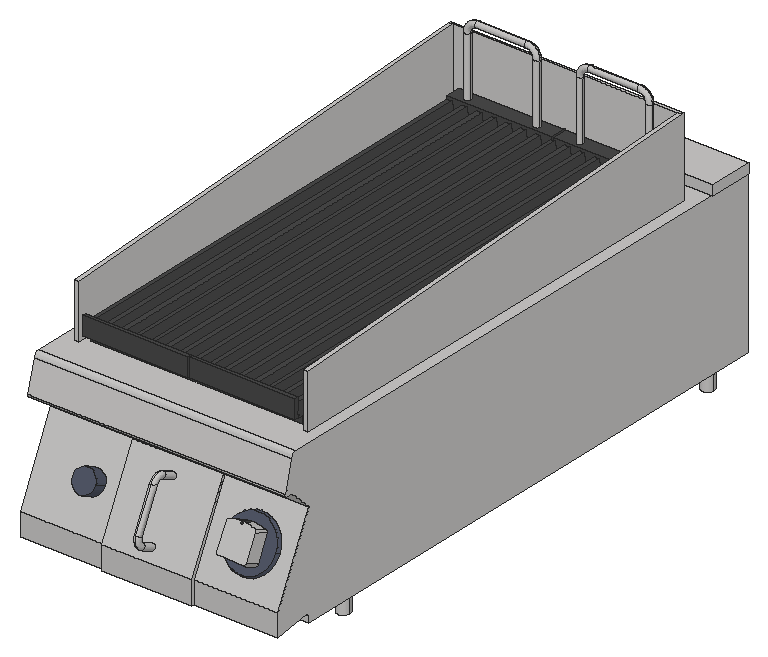
Revit family "QF_ZANUSSI_392219_Z9GRGDGC0P", category Attrezzature speciali, Revit 2014
Parameters
  Width = 400 mm  # constant formula
  Weight in Pounds = 60  # constant formula
  Weight = 60
  Watts = 0 W
  Volts = 0 V
  URL Manufacturer = "http://www.zanussiprofessional.com"
  URL Cutsheet = "www.electrolux.com"
  URL = "http://www.zanussiprofessional.com"
  Type Mark [instance] = ""
  Steam Supply Size = 0"
  Steam Supply Minimum Pressure = 0.00 psi
  Steam Supply Maximum Pressure = 0.00 psi
  Steam Pounds per Hour = 0
  Status [instance] = ""
  Specification by User [instance] = ""
  Specification by Manufacturer = ""
  Show Logo [instance] = yes
  Show Clearance [instance] = yes
  Serial Number = ""
  Seismic Rating = ""
  SMACNA No = ""
  Revision Code [instance] = ""
  Refrigeration Suction Line Size = 0 mm
  Refrigeration Liquid Line Size = 0 mm
  Refrigerant Compressor Remote = yes
  Phase = 0
  Omniclass Number and Title = ""
  NAFEM Spec ID Number = ""
  Modello = "Z9GRGDGC0P"
  Mechanical Remarks [instance] = ""
  Mechanical Connection Type [instance] = ""
  Masterspec = ""
  Produttore = "Zanussi"
  Length Actual = 400 mm  # constant formula
  Item Number [instance] = "392219"
  Installed By [instance] = ""
  Identify Quantity as Lot [instance] = yes
  Hot Water Size = 0"
  Height Actual = 250 mm  # constant formula
  HP = "0 HP"
  Gas Size = 3/4"
  Gas RI Height [instance] = 0 mm
  Gas KW [instance] = 10.5  # constant formula
  Gas Input [instance] = 0.370888 Btu/h
  Gas Connection Height = 0 mm
  Furnished By [instance] = ""
  Foodservice Equipment Identifier [instance] = yes
  Descrizione = "GAS GRILL TOP HP 400MM"
  Depth Actual = 900 mm  # constant formula
  Depth = 915 mm  # constant formula
  Cycle = 0 Hz
  Condensate Return Size = 0"
  Compressed Air Volume = 0 GPM
  Compressed Air Size = 0"
  Compressed Air Pressure = 0.00 psi
  Cold Water Size = 0"
  CSI MasterFormat = ""
  CSI Master Format = ""
  Base Height [instance] = 0 mm
  Accessory = yes
Reference planes
  plane 1 "BACK": y = 0
  plane 2: z = 0
  plane 3 "LEFT": x = 0
  plane 4 "RIGHT": x = 400
  plane 5 "FRONT": y = -915
  plane 6 "TOP": z = 274
  plane 7 "Center Y": x = 200
  plane 8 "Center X": y = -457.5
  plane 9: z = 24
  plane 10: z = 424
  plane 11: x = 11
  plane 12: y = -1690
  plane 13: y = -65
  plane 14: y = -773
  plane 15: y = -941
  plane 16: x = 389
Forms (mm)
  Extrusion 1, solid, material "QF_Finishes_Black"
    sketch origin (52.271, -831.985, 287.7) x (-0.153405, 0, 0.988163) y (-0.988163, 0, -0.153405)
      loop
        line (30.666, 12.691) -> (1.657, 17.195) -> (-23.405, -144.246) -> (5.603, -148.75) -> (30.666, 12.691)
      loop
        line (-48.959, -308.85) -> (-19.95, -313.353) -> (5.112, -151.912) -> (-23.896, -147.408) -> (-48.959, -308.85)
    from 5 to 0
  Extrusion 2, solid, material "QF_Finishes_Stainless Steel"
    sketch origin (0, 0, 0) x (0, 1, 0) y (0, 0, 1)
      loop
        line (0, 24) -> (0, 274) -> (-879.358, 274)
        arc (-879.358, 274) -> (-884.643, 271.811) -> (-886.833, 266.526) r 7.474
        line (-886.833, 266.526) -> (-899.884, 221.011)
        arc (-899.884, 221.011) -> (-899.396, 218.379) -> (-897, 217.184) r 3
        line (-897, 217.184) -> (-886.802, 217.184) -> (-854.982, 185.364) -> (-915, 64.508) -> (-915, 29.508) -> (-858.645, 37.428)
        arc (-858.645, 37.428) -> (-856.101, 36.674) -> (-855, 34.259) r 3.2
        line (-855, 34.259) -> (-855, 24) -> (0, 24)
    from 0 to 400
  Extrusion 3, solid, material "QF_Finishes_Stainless Steel"
    sketch origin (0, 0, 0) x (1, 0, 0) y (0, 1, 0)
      loop
        circle (11, -65) r 9.525
      loop
        circle (11, -773) r 9.525
      loop
        circle (389, -65) r 9.525
      loop
        circle (389, -773) r 9.525
    from 0 to 24
  Extrusion 4, solid, material "QF_Finishes_Stainless Steel"
    sketch origin (151.15, -218.574, -25.128) x (0, 0.999563, -0.029571) y (0, 0.029571, 0.999563)
      loop
        line (-642.416, 191.447) -> (-645.323, 192.784) -> (-701.993, 69.659) -> (-700.936, 33.924) -> (-697.737, 34.018) -> (-698.772, 69.003) -> (-642.416, 191.447)
    from -21.15 to 118.85
  Sweep 5, solid, material "QF_Finishes_Stainless Steel"
    path origin (200, 192.426, 1182.446) x (0, 0.999563, -0.029571) y (0, 0.029571, 0.999563)
      loop
        line (-1030.726, -1048.776) -> (-1051.355, -1039.282)
        arc (-1051.355, -1039.282) -> (-1061.068, -1038.906) -> (-1068.202, -1045.508) r 12.7
        line (-1068.202, -1045.508) -> (-1095.749, -1105.361)
        arc (-1095.749, -1105.361) -> (-1096.125, -1115.074) -> (-1089.523, -1122.207) r 12.7
        line (-1089.523, -1122.207) -> (-1068.894, -1131.702)
    profile origin (200, -879.032, 169.659) x (0, -0.444781, -0.895639) y (1, 0, 0)
      loop
        circle (0, 0) r 4.572
  Extrusion 6, solid, material "QF_Door-Drawer Clearances", visible <- "Show Clearance", detail levels coarse
    sketch origin (200, 175.397, 1219.2) x (0, 1, 0) y (0, 0, 1)
      loop
        line (-1844.462, -1153.941) -> (-1844.462, -1189.692) -> (-1093.597, -1189.692) -> (-1093.597, -1153.941) -> (-1033.311, -1032.545) -> (-1784.176, -1032.545) -> (-1844.462, -1153.941)
    from 70 to -70
  Sweep 7, solid, material "QF_Door-Drawer Clearances", visible <- "Show Clearance", detail levels coarse
    path origin (200, 207.443, 1164.448) x (0, 0.999563, -0.029571) y (0, 0.029571, 0.999563)
      loop
        line (-1794.661, -1048.776) -> (-1815.29, -1039.282)
        arc (-1815.29, -1039.282) -> (-1825.003, -1038.906) -> (-1832.136, -1045.508) r 12.7
        line (-1832.136, -1045.508) -> (-1859.684, -1105.361)
        arc (-1859.684, -1105.361) -> (-1860.06, -1115.074) -> (-1853.457, -1122.207) r 12.7
        line (-1853.457, -1122.207) -> (-1832.829, -1131.702)
    profile origin (200, -1627.616, 174.251) x (0, -0.444781, -0.895639) y (1, 0, 0)
      loop
        circle (0, 0) r 4.572
  Extrusion 8, solid, material "QF_Finishes_Stainless Steel"
    sketch origin (35.025, -104.885, 275) x (0, 0, 1) y (1, 0, 0)
      loop
        line (-1, -16.35) -> (121.362, -16.35) -> (121.363, 346.3) -> (-1, 346.3) -> (-1, -16.35)
    from 0 to 3.2
  Extrusion 9, solid, material "QF_Finishes_Stainless Steel"
    sketch origin (0, 0, 24) x (-1, 0, 0) y (0, 1, 0)
      loop
        circle (-347.9, -663) r 6.35
    from 0 to 9
  Extrusion 10, solid, material "QF_Finishes_Stainless Steel"
    sketch origin (25.025, -104.885, 396.363) x (0, -1, 0) y (0, 0, -1)
      loop
        line (0, 0) -> (728.115, 38.857) -> (728.115, 122.363) -> (0, 122.363) -> (0, 0)
    from 0 to -6.35
  Extrusion 11, solid, material "QF_Finishes_Stainless Steel"
    sketch origin (374.975, -104.885, 396.363) x (0, -1, 0) y (0, 0, 1)
      loop
        line (0, 0) -> (0, -122.362) -> (728.115, -122.362) -> (728.115, -38.857) -> (0, 0)
    from 0 to -6.35
  Sweep 12, solid, material "QF_Finishes_Stainless Steel"
    path origin (-10.789, -118.772, 31.265) x (0, 0, 1) y (-1, 0, 0)
      loop
        line (279.79, -69.374) -> (372.677, -69.374)
        arc (372.677, -69.374) -> (383.453, -73.837) -> (387.917, -84.614) r 15.24
        line (387.917, -84.614) -> (387.917, -162.056)
        arc (387.917, -162.056) -> (383.453, -172.833) -> (372.677, -177.296) r 15.24
        line (372.677, -177.296) -> (279.79, -177.296)
    profile origin (58.585, -118.772, 357.499) x (-1, 0, 0) y (0, -1, 0)
      loop
        circle (0, 0) r 4.572
  Sweep 13, solid, material "QF_Finishes_Stainless Steel"
    path origin (410.789, -118.772, 31.265) x (0, 0, 1) y (-1, 0, 0)
      loop
        line (279.79, 69.374) -> (372.677, 69.374)
        arc (372.677, 69.374) -> (383.453, 73.837) -> (387.917, 84.614) r 15.24
        line (387.917, 84.614) -> (387.917, 162.056)
        arc (387.917, 162.056) -> (383.453, 172.833) -> (372.677, 177.296) r 15.24
        line (372.677, 177.296) -> (279.79, 177.296)
    profile origin (341.415, -118.772, 357.499) x (-1, 0, 0) y (0, -1, 0)
      loop
        circle (0, 0) r 4.572
  Extrusion 14, solid, material "QF_Finishes_Black"
    sketch origin (0, 0, 274) x (0, -1, 0) y (1, 0, 0)
      loop
        line (821.985, 198.45) -> (130.285, 198.45) -> (130.285, 35.025) -> (821.985, 35.025) -> (821.985, 198.45)
      loop
        line (821.985, 201.55) -> (821.985, 364.975) -> (130.285, 364.975) -> (130.285, 201.55) -> (821.985, 201.55)
    from 0 to 12.7
  Extrusion 15, solid, material "QF_Finishes_Black"
    sketch origin (0, 0, 286.7) x (0, -1, 0) y (1, 0, 0)
      loop
        line (104.885, 198.45) -> (104.885, 35.025) -> (130.285, 35.025) -> (130.285, 198.45) -> (104.885, 198.45)
      loop
        line (130.285, 201.55) -> (130.285, 364.975) -> (104.885, 364.975) -> (104.885, 201.55) -> (130.285, 201.55)
    from 0 to 24.356
  Extrusion 16, solid, material "QF_Finishes_Stainless Steel"
    sketch origin (0, 0, 274) x (0, -1, 0) y (1, 0, 0)
      loop
        line (0, 400) -> (0, 0) -> (69.85, 0) -> (69.85, 400) -> (0, 400)
    from 0 to 15
  Extrusion 17, solid, material "QF_Clearances", visible <- "Show Clearance", detail levels coarse
    sketch origin (0, 0, 0) x (1, 0, 0) y (0, 1, 0)
      loop
        line (400, -915) -> (552, -915) -> (552, 203) -> (-152, 203) -> (-152, -915) -> (0, -915) -> (0, 0) -> (400, 0) -> (400, -915)
    from 0 to 424
  Extrusion 18, solid, material "QF_Finishes_Stainless Steel"
    sketch origin (0, 0, 274) x (0, 0, -1) y (-1, 0, 0)
      loop
        circle (220.025, -347.613) r 9.525
    from -50.8 to -54
  Extrusion 19, solid, material "QF_Plastic-Black-Matte"
    sketch origin (279.193, -884.991, 124.936) x (0, 0.444781, 0.895639) y (0, 0.895639, -0.444781)
      loop
        line (26.984, -34) -> (23.984, -34) -> (23.984, -35) -> (26.984, -35)
        arc (26.984, -35) -> (27.691, -34.707) -> (27.984, -34) r 1
        line (27.984, -34) -> (27.984, -19) -> (26.984, -19) -> (26.984, -34)
    from -58.5 to -56.5
  Extrusion 20, solid, material "QF_Finishes_Stainless Steel"
    sketch origin (336.693, -884.991, 124.936) x (-1, 0, 0) y (0, -0.444781, -0.895639)
      loop
        line (17.5, -17.5) -> (17.5, 17.5) -> (-17.5, 17.5) -> (-17.5, -17.5) -> (17.5, -17.5)
    from 5 to 10
  Extrusion 21, solid, material "QF_Finishes_Stainless Steel"
    sketch origin (336.693, -884.991, 124.936) x (-1, 0, 0) y (0, -0.444781, -0.895639)
      loop
        arc (-21.147, -22.789) -> (0, -26.984) -> (21.147, -22.789) r 55.4
        arc (21.147, -22.789) -> (22.494, -21.685) -> (23, -20.019) r 2.997
        line (23, -20.019) -> (23, 20.019)
        arc (23, 20.019) -> (22.122, 22.138) -> (20.003, 23.016) r 2.997
        line (20.003, 23.016) -> (-20.003, 23.016)
        arc (-20.003, 23.016) -> (-22.122, 22.138) -> (-23, 20.019) r 2.997
        line (-23, 20.019) -> (-23, -20.019)
        arc (-23, -20.019) -> (-22.494, -21.685) -> (-21.147, -22.789) r 2.997
    from 10 to 34
  Blend 22, solid, material "QF_Finishes_Navy Blue"
    base sketch origin (336.693, -884.991, 124.936) x (1, 0, 0) y (0, 0.444781, 0.895639)
      loop
        circle (0, 0) r 42.5
    top sketch origin (336.693, -884.991, 124.936) x (1, 0, 0) y (0, 0.444781, 0.895639)
      loop
        circle (0, 0) r 40.5
    from 0 to 5
  Extrusion 23, solid, material "QF_Finishes_Navy Blue"
    sketch origin (146.818, -884.991, 124.936) x (1, 0, 0) y (0, 0.444781, 0.895639)
      loop
        circle (-55.001, 0) r 18
    from 3 to 23
  Extrusion 24, solid, material "QF_Finishes_Stainless Steel"
    sketch origin (7.817, -884.991, 124.936) x (1, 0, 0) y (0, 0.444781, 0.895639)
      loop
        circle (84, 0) r 15
    from 3 to 0
Cuts and joins
  joined: Extrusion 8, Extrusion 10, Extrusion 11
Lines and regions (mm)
  Split face 1
    outline origin (336.693, -889.469, 127.16) x (1, 0, 0) y (0, 0.444781, 0.895639)
      loop
        circle (0, 34.714) r 1.714
  Split face 2
    outline origin (336.693, -889.469, 127.16) x (1, 0, 0) y (0, 0.444781, 0.895639)
      loop
        circle (-17.357, 30.063) r 2
  Split face 3
    outline origin (336.693, -889.469, 127.16) x (1, 0, 0) y (0, 0.444781, 0.895639)
      loop
        circle (17.357, 30.063) r 2
  Split face 4
    outline origin (336.693, -889.469, 127.16) x (1, 0, 0) y (0, 0.444781, 0.895639)
      loop
        line (-23.985, -28.584) -> (-20.542, -24.481)
        arc (-20.542, -24.481) -> (-27.511, -15.911) -> (-31.231, -5.511) r 32.719
        line (-31.231, -5.511) -> (-37.141, -6.549)
        arc (-37.141, -6.549) -> (-32.568, -18.764) -> (-23.985, -28.584) r 36.411
  Split face 5
    outline origin (336.693, -889.469, 127.16) x (1, 0, 0) y (0, 0.444781, 0.895639)
      loop
        arc (20.441, -26.163) -> (0.211, -32.559) -> (-19.689, -25.201) r 32.719
        line (-19.689, -25.201) -> (-22.952, -29.377)
        arc (-22.952, -29.377) -> (-0.277, -36.495) -> (21.959, -28.107) r 36.411
        line (21.959, -28.107) -> (20.441, -26.163)
  Split face 6
    outline origin (336.693, -889.469, 127.16) x (1, 0, 0) y (0, 0.444781, 0.895639)
      loop
        line (21.361, -25.457) -> (22.903, -27.295)
        arc (22.903, -27.295) -> (31.935, -14.958) -> (35.104, 0) r 36.411
        line (35.104, 0) -> (33.714, 0)
        arc (33.714, 0) -> (30.431, -14.133) -> (21.361, -25.457) r 32.719
  Split face 7
    outline origin (336.693, -889.469, 127.16) x (1, 0, 0) y (0, 0.444781, 0.895639)
      loop
        arc (-37.695, 1.149) -> (-34.899, -3.19) -> (-31.619, 0.795) r 3.195
        line (-31.619, 0.795) -> (-32.379, 3.751)
        arc (-32.379, 3.751) -> (-34.462, 5.448) -> (-36.693, 3.952) r 2.258
        line (-36.693, 3.952) -> (-37.695, 1.149)
  symbolic lines, style "QF_Door-Drawer Clearances"
    curve 1: line (270, -1665.621, 0) -> (270, -915, 0)
    curve 2: line (270, -1665.621, 0) -> (218.222, -1665.621, 0)
    curve 3: line (130, -1665.621, 0) -> (130, -915, 0)
    curve 4: spline (213.65, -1617.352, 0) -> (214.247, -1617.369, 0) -> (214.833, -1617.417, 0) -> (215.4, -1617.498, 0) -> (215.936, -1617.608, 0) -> (216.433, -1617.747, 0) -> (216.883, -1617.912, 0) -> (217.277, -1618.1, 0) -> (217.609, -1618.308, 0) -> (217.874, -1618.532, 0) -> (218.066, -1618.769, 0) -> (218.183, -1619.014, 0) -> (218.222, -1619.264, 0)
    curve 5: spline (209.078, -1619.264, 0) -> (209.117, -1619.014, 0) -> (209.234, -1618.769, 0) -> (209.426, -1618.532, 0) -> (209.691, -1618.308, 0) -> (210.023, -1618.1, 0) -> (210.417, -1617.912, 0) -> (210.867, -1617.747, 0) -> (211.364, -1617.608, 0) -> (211.9, -1617.498, 0) -> (212.467, -1617.417, 0) -> (213.053, -1617.369, 0) -> (213.65, -1617.352, 0)
    curve 6: line (218.222, -1619.264, 0) -> (218.222, -1685.435, 0)
    curve 7: line (209.078, -1619.264, 0) -> (209.078, -1685.435, 0)
    curve 8: arc (209.078, -1685.435, 0) -> (213.65, -1690.007, 0) -> (218.222, -1685.435, 0) r 4.572
    curve 9: line (209.078, -1665.621, 0) -> (130, -1665.621, 0)
  symbolic lines
    curve 10: line (0, 0, 0) -> (0, -915, 0)
    curve 11: line (233.404, -123.365, 0) -> (341.02, -123.365, 0)
    curve 12: line (233.404, -114.221, 0) -> (341.02, -114.221, 0)
    curve 13: arc (341.02, -114.221, 0) -> (345.592, -118.793, 0) -> (341.02, -123.365, 0) r 4.572
    curve 14: arc (233.404, -114.221, 0) -> (228.832, -118.793, 0) -> (233.404, -123.365, 0) r 4.572
    curve 15: line (36.625, -130.285, 0) -> (366.298, -130.285, 0)
    curve 16: line (58.584, -123.344, 0) -> (166.539, -123.344, 0)
    curve 17: line (58.584, -114.2, 0) -> (166.539, -114.2, 0)
    curve 18: arc (166.539, -114.2, 0) -> (171.111, -118.772, 0) -> (166.539, -123.344, 0) r 4.572
    curve 19: arc (58.584, -114.2, 0) -> (54.012, -118.772, 0) -> (58.584, -123.344, 0) r 4.572
    curve 23: line (0, 0, 0) -> (400, 0, 0)
    curve 24: line (400, 0, 0) -> (400, -915, 0)
    curve 25: line (0, -54.85, 0) -> (400, -54.85, 0)
    curve 26: line (381.325, -86.685, 0) -> (18.675, -86.685, 0)
    curve 27: line (18.675, -86.685, 0) -> (18.675, -89.885, 0)
    curve 28: line (18.675, -89.885, 0) -> (25.025, -89.885, 0)
    curve 29: line (25.025, -89.885, 0) -> (374.975, -89.885, 0)
    curve 30: line (374.975, -89.885, 0) -> (381.325, -89.885, 0)
    curve 31: line (381.325, -89.885, 0) -> (381.325, -86.685, 0)
    curve 32: line (18.675, -833, 0) -> (18.675, -89.885, 0)
    curve 33: line (25.025, -833, 0) -> (25.025, -89.885, 0)
    curve 34: line (35.025, -89.885, 0) -> (35.025, -115.285, 0)
    curve 35: line (198.45, -115.285, 0) -> (198.45, -89.885, 0)
    curve 36: line (201.55, -89.885, 0) -> (201.55, -115.285, 0)
    curve 37: line (364.975, -115.285, 0) -> (364.975, -89.885, 0)
    curve 38: line (374.975, -89.885, 0) -> (374.975, -833, 0)
    curve 39: line (381.325, -89.885, 0) -> (381.325, -833, 0)
    curve 40: line (374.975, -833, 0) -> (381.325, -833, 0)
    curve 41: line (35.025, -821.985, 0) -> (364.975, -821.985, 0)
    curve 42: line (364.975, -821.985, 0) -> (364.975, -816.985, 0)
    curve 43: line (35.025, -816.985, 0) -> (35.025, -821.985, 0)
    curve 44: line (18.675, -833, 0) -> (25.025, -833, 0)
    curve 45: line (0, -900, 0) -> (400.05, -900, 0)
    curve 46: line (313.693, -900, 0) -> (313.693, -924.347, 0)
    curve 47: arc (313.693, -924.347, 0) -> (313.839, -924.811, 0) -> (314.225, -925.107, 0) r 0.809
    curve 48: arc (314.225, -925.107, 0) -> (315.413, -925.587, 0) -> (316.691, -925.68, 0) r 4.127
    curve 49: arc (313.693, -904.292, 0) -> (308.652, -902.458, 0) -> (303.884, -900, 0) r 42.24
    curve 50: arc (313.693, -906.539, 0) -> (314.195, -905.818, 0) -> (314.993, -905.448, 0) r 1.682
    curve 51: arc (314.993, -905.448, 0) -> (325.295, -903.95, 0) -> (335.693, -903.441, 0) r 109.079
    curve 52: line (335.693, -900, 0) -> (335.693, -905.671, 0)
    curve 53: line (335.693, -905.671, 0) -> (337.693, -905.671, 0)
    curve 54: line (337.693, -905.671, 0) -> (337.693, -900, 0)
    curve 55: line (359.693, -900, 0) -> (359.693, -924.347, 0)
    curve 56: arc (359.693, -924.347, 0) -> (359.547, -924.811, 0) -> (359.161, -925.107, 0) r 0.809
    curve 57: arc (359.161, -925.107, 0) -> (357.973, -925.587, 0) -> (356.696, -925.68, 0) r 4.127
    curve 58: arc (359.693, -904.292, 0) -> (364.734, -902.458, 0) -> (369.502, -900, 0) r 42.24
    curve 59: arc (359.693, -906.539, 0) -> (359.191, -905.818, 0) -> (358.394, -905.448, 0) r 1.682
    curve 60: arc (358.394, -905.448, 0) -> (348.091, -903.95, 0) -> (337.693, -903.441, 0) r 109.079
    curve 61: line (316.691, -925.68, 0) -> (356.696, -925.68, 0)
    curve 62: line (359.693, -915, 0) -> (400, -915, 0)
    curve 63: line (0, -915, 0) -> (195.425, -915, 0)
    curve 64: arc (195.425, -936.831, 0) -> (199.998, -941.404, 0) -> (204.57, -936.831, 0) r 4.573
    curve 66: line (204.57, -936.831, 0) -> (204.57, -900, 0)
    curve 67: line (204.57, -915, 0) -> (313.693, -915, 0)
    curve 68: line (73.817, -905.591, 0) -> (73.817, -900, 0)
  symbolic lines, style "QF_Clearances", visible <- "Show Clearance", detail levels coarse
    curve 20: line (552, 203, 0) -> (-152, 203, 0)
    curve 21: line (-152, 203, 0) -> (-152, -915, 0)
    curve 22: line (552, -915, 0) -> (552, 203, 0)
  symbolic lines, style "SpecialityEquipment"
    curve 65: line (195.425, -936.831, 0) -> (195.425, -900, 0)
    curve 69: spline (73.817, -905.591, 0) -> (74.43, -907.663, 0) -> (76.228, -909.594, 0) -> (79.089, -911.252, 0) -> (82.817, -912.524, 0) -> (87.158, -913.324, 0) -> (91.817, -913.597, 0) -> (96.475, -913.324, 0) -> (100.817, -912.524, 0) -> (104.544, -911.252, 0) -> (107.405, -909.594, 0) -> (109.203, -907.663, 0) -> (109.817, -905.591, 0)
    curve 70: spline (109.817, -905.591, 0) -> (109.779, -905.075, 0) -> (109.667, -904.562, 0) -> (109.481, -904.053, 0) -> (109.222, -903.55, 0) -> (108.891, -903.056, 0) -> (108.489, -902.573, 0) -> (108.017, -902.102, 0) -> (107.479, -901.645, 0) -> (106.875, -901.205, 0) -> (106.209, -900.783, 0) -> (105.483, -900.381, 0) -> (104.701, -900, 0)
    curve 71: line (109.817, -905.591, 0) -> (109.817, -900, 0)
    curve 72: spline (78.932, -900, 0) -> (78.15, -900.381, 0) -> (77.424, -900.783, 0) -> (76.758, -901.205, 0) -> (76.154, -901.645, 0) -> (75.616, -902.102, 0) -> (75.144, -902.573, 0) -> (74.742, -903.056, 0) -> (74.411, -903.55, 0) -> (74.152, -904.053, 0) -> (73.966, -904.562, 0) -> (73.854, -905.075, 0) -> (73.817, -905.591, 0)
Dimensions and locks
  equal spacing: plane 3 "LEFT", plane 7 "Center Y", plane 4 "RIGHT"
  "Width": plane 3 "LEFT" to plane 4 "RIGHT"
  equal spacing: plane 5 "FRONT", plane 8 "Center X", plane 1 "BACK"
  "Depth": plane 5 "FRONT" to plane 1 "BACK"
  plane 6 "TOP" to level = 274 mm
  plane 9 to level = 24 mm
  plane 6 "TOP" to plane 9 = 250 mm  (x2)
  plane 10 to level = 424 mm
  plane 10 to plane 9 = 400 mm
  plane 1 "BACK" to plane 12 = 1690 mm
  plane 1 "BACK" to plane 5 "FRONT" = 915 mm
  plane 5 "FRONT" to plane 14 to plane 13 to plane 1 "BACK" = 142 mm, 708 mm, 65 mm
  plane 9 to plane 2 = 24 mm
  Extrusion 16 to plane 9 = 265 mm
  plane 12 to plane 1 "BACK" = 1690 mm
  plane 5 "FRONT" to plane 1 "BACK" = 915 mm
  plane 15 to plane 1 "BACK" = 941 mm
  Extrusion 9 to plane 9 = 9 mm
  Extrusion 9 sketch curve to plane 1 "BACK" = 663 mm
  Extrusion 18 sketch curve to plane 4 "RIGHT" = 52.388 mm
  Extrusion 18 sketch curve to level = 53.975 mm
  aligned and locked: level to plane 2
Automatic sketch dimensions
  plane 6 "TOP" to Extrusion 1 sketch curve = 12.7 mm
  plane 4 "RIGHT" to Extrusion 1 sketch curve = 35.025 mm
  Extrusion 1 sketch curve to Extrusion 1 sketch curve = 25.063 mm  (x2)
  Extrusion 1 sketch curve to Extrusion 1 sketch curve = 0.491 mm  (x2)
  Extrusion 1 sketch curve to Extrusion 1 sketch curve = 29.008 mm
  Extrusion 1 sketch curve to Extrusion 1 sketch curve = 4.503 mm
  Extrusion 1 sketch curve to Extrusion 1 sketch curve = 3.162 mm  (x2)
  Extrusion 8 sketch curve to plane 6 "TOP" = 0 mm
  Extrusion 8 sketch curve to plane 10 = 27.637 mm
  Extrusion 8 sketch curve to plane 11 = 7.675 mm
  plane 4 "RIGHT" to Extrusion 8 sketch curve = 18.675 mm
  Extrusion 10 sketch curve to plane 6 "TOP" = 0 mm
  Extrusion 10 sketch curve to plane 10 = 27.637 mm
  plane 1 "BACK" to Extrusion 10 sketch curve = 104.885 mm
  Extrusion 10 sketch curve to plane 5 "FRONT" = 82 mm
  Extrusion 10 sketch curve to plane 10 = 66.495 mm
  Extrusion 11 sketch curve to plane 6 "TOP" = 0 mm
  Extrusion 11 sketch curve to plane 10 = 27.637 mm
  plane 1 "BACK" to Extrusion 11 sketch curve = 104.885 mm
  Extrusion 11 sketch curve to plane 5 "FRONT" = 82 mm
  Extrusion 11 sketch curve to plane 10 = 66.495 mm
  plane 6 "TOP" to Sweep 12 sketch curve = 37.056 mm  (x2)
  Sweep 12 sketch curve to plane 10 = 20.058 mm  (x2)
  Sweep 12 sketch curve to plane 10 = 4.818 mm
  Sweep 12 sketch curve to plane 7 "Center Y" = 33.492 mm
  Sweep 12 sketch curve to plane 11 = 62.825 mm
  Sweep 12 sketch curve to profile plane = 0 mm
  profile plane to Sweep 12 sketch curve = 0 mm
  plane 6 "TOP" to Sweep 13 sketch curve = 37.056 mm  (x2)
  Sweep 13 sketch curve to plane 10 = 20.058 mm  (x2)
  Sweep 13 sketch curve to plane 10 = 4.818 mm
  plane 4 "RIGHT" to Sweep 13 sketch curve = 58.585 mm
  plane 7 "Center Y" to Sweep 13 sketch curve = 48.732 mm
  Sweep 13 sketch curve to profile plane = 0 mm
  profile plane to Sweep 13 sketch curve = 0 mm
  Extrusion 14 sketch curve to Extrusion 14 sketch curve = 0 mm  (x2)
  Extrusion 14 sketch curve to Extrusion 14 sketch curve = 163.425 mm
  Extrusion 14 sketch curve to Extrusion 14 sketch curve = 3.1 mm
  Extrusion 15 sketch curve to Extrusion 14 = 0 mm  (x5)
  Extrusion 14 to Extrusion 15 sketch curve = 0 mm
  Extrusion 14 to Extrusion 15 sketch curve = 25.4 mm
  Extrusion 15 sketch curve to Extrusion 15 sketch curve = 25.4 mm
  Extrusion 3 sketch curve to plane 11 = 0 mm  (x2)
  Extrusion 3 sketch curve to plane 14 = 0 mm  (x2)
  Extrusion 3 sketch curve to plane 16 = 0 mm  (x2)
  plane 13 to Extrusion 3 sketch curve = 0 mm  (x2)
  Extrusion 17 sketch curve to plane 3 "LEFT" = 0 mm
  Extrusion 17 sketch curve to plane 4 "RIGHT" = 0 mm
  Extrusion 17 sketch curve to plane 1 "BACK" = 0 mm
  Extrusion 17 sketch curve to plane 1 "BACK" = 203 mm
  Extrusion 17 sketch curve to plane 3 "LEFT" = 152 mm
  Extrusion 17 sketch curve to plane 4 "RIGHT" = 152 mm
  plane 15 to Extrusion 17 sketch curve = 26 mm  (x2)
  Extrusion 2 sketch curve to plane 6 "TOP" = 0 mm
  Extrusion 2 sketch curve to plane 9 = 0 mm
  plane 9 to Extrusion 2 sketch curve = 5.508 mm
  plane 12 to Extrusion 2 sketch curve = 775 mm
  plane 12 to Extrusion 2 sketch curve = 790.116 mm
  Extrusion 2 sketch curve to Extrusion 2 sketch curve = 2.884 mm
  Extrusion 2 sketch curve to plane 6 "TOP" = 7.474 mm
  Extrusion 2 sketch curve to Extrusion 2 sketch curve = 13.051 mm
  Extrusion 2 sketch curve to Extrusion 2 sketch curve = 10.198 mm
  plane 9 to Extrusion 2 sketch curve = 13.428 mm
  plane 12 to Extrusion 2 sketch curve = 831.355 mm
  Extrusion 2 sketch curve to Extrusion 2 sketch curve = 0.445 mm
  Extrusion 2 sketch curve to Extrusion 2 sketch curve = 3.2 mm
  Extrusion 2 sketch curve to Extrusion 2 sketch curve = 31.82 mm  (x2)
  Extrusion 2 sketch curve to plane 5 "FRONT" = 915 mm
  Extrusion 2 sketch curve to Extrusion 2 sketch curve = 35 mm
  Extrusion 2 sketch curve to Extrusion 2 sketch curve = 81.162 mm
  Extrusion 2 sketch curve to Extrusion 2 sketch curve = 3 mm
  Extrusion 9 sketch curve to plane 16 = 41.1 mm
  Extrusion 14 sketch curve to plane 16 = 24.025 mm
  plane 13 to Extrusion 14 sketch curve = 65.285 mm
  Extrusion 14 sketch curve to plane 14 = 48.985 mm
  Extrusion 14 sketch curve to plane 11 = 24.025 mm
  plane 1 "BACK" to Extrusion 16 sketch curve = 0 mm
  Extrusion 16 sketch curve to plane 3 "LEFT" = 0 mm
  Extrusion 16 sketch curve to plane 4 "RIGHT" = 0 mm
  plane 13 to Extrusion 16 sketch curve = 4.85 mm
  plane 15 to Sweep 5 sketch curve = 5.47 mm
  plane 9 to Sweep 5 sketch curve = 85.971 mm
  Sweep 5 sketch curve to Sweep 5 sketch curve = 6.227 mm
  Sweep 5 sketch curve to Sweep 5 sketch curve = 11.537 mm  (x2)
  Sweep 5 sketch curve to Sweep 5 sketch curve = 27.548 mm
  Sweep 5 sketch curve to Sweep 5 sketch curve = 5.31 mm  (x3)
  Sweep 5 sketch curve to Sweep 5 sketch curve = 59.852 mm
  Sweep 5 sketch curve to Sweep 5 sketch curve = 20.629 mm  (x2)
  Sweep 5 sketch curve to Sweep 5 sketch curve = 9.495 mm  (x2)
  Sweep 5 sketch curve to plane 7 "Center Y" = 0 mm
  Sweep 5 sketch curve to profile plane = 0 mm
  Extrusion 4 sketch curve to plane 5 "FRONT" = 0 mm  (x2)
  plane 9 to Extrusion 4 sketch curve = 41.259 mm
  Extrusion 4 sketch curve to Extrusion 4 sketch curve = 3.221 mm
  Extrusion 4 sketch curve to Extrusion 4 sketch curve = 53.449 mm
  Extrusion 4 sketch curve to Extrusion 4 sketch curve = 2.907 mm
  Extrusion 4 sketch curve to Extrusion 4 sketch curve = 2.164 mm
  Extrusion 4 sketch curve to Extrusion 4 sketch curve = 0.095 mm
  Extrusion 19 sketch curve to plane 5 "FRONT" = 9.329 mm
  Extrusion 19 sketch curve to plane 6 "TOP" = 112.016 mm
  Extrusion 19 sketch curve to Extrusion 19 sketch curve = 3 mm
  Extrusion 19 sketch curve to Extrusion 19 sketch curve = 0 mm
  Extrusion 19 sketch curve to Extrusion 19 sketch curve = 1 mm  (x2)
  Extrusion 19 sketch curve to Extrusion 19 sketch curve = 15 mm
  Extrusion 20 sketch curve to plane 11 = 343.193 mm
  plane 3 "LEFT" to Extrusion 20 sketch curve = 319.193 mm
  Extrusion 20 sketch curve to Extrusion 20 sketch curve = 35 mm
  plane 3 "LEFT" to Extrusion 21 sketch curve = 336.693 mm
  Extrusion 21 sketch curve to plane 11 = 345.696 mm  (x2)
  Extrusion 21 sketch curve to Extrusion 21 sketch curve = 2.997 mm  (x2)
  plane 3 "LEFT" to Extrusion 21 sketch curve = 316.691 mm  (x2)
  Extrusion 21 sketch curve to Extrusion 21 sketch curve = 0 mm  (x2)
  Extrusion 21 sketch curve to Extrusion 21 sketch curve = 40.037 mm
  Extrusion 21 sketch curve to Extrusion 21 sketch curve = 5.399 mm
  plane 3 "LEFT" to Blend 22 sketch curve = 336.693 mm  (x2)
  Split face 4 sketch curve to Split face 4 sketch curve = 5.909 mm
  Split face 4 sketch curve to Split face 4 sketch curve = 7.246 mm
  Split face 4 sketch curve to Split face 4 sketch curve = 3.443 mm
  Split face 4 sketch curve to Split face 4 sketch curve = 29.925 mm
  Split face 4 sketch curve to Split face 4 sketch curve = 2.301 mm
  Split face 4 sketch curve to Split face 4 sketch curve = 4.103 mm
  Split face 4 sketch curve to Split face 4 sketch curve = 17.932 mm
  Split face 4 sketch curve to Split face 4 sketch curve = 1.038 mm
  Split face 5 sketch curve to Split face 5 sketch curve = 3.262 mm
  Split face 5 sketch curve to Split face 5 sketch curve = 18.383 mm
  Split face 5 sketch curve to Split face 5 sketch curve = 2.301 mm
  Split face 5 sketch curve to Split face 5 sketch curve = 19.446 mm
  Split face 5 sketch curve to Split face 5 sketch curve = 1.519 mm
  Split face 5 sketch curve to Split face 5 sketch curve = 1.27 mm
  Split face 5 sketch curve to Split face 5 sketch curve = 1.944 mm
  Split face 5 sketch curve to Split face 5 sketch curve = 4.176 mm
  Split face 6 sketch curve to Split face 6 sketch curve = 2.301 mm
  Split face 6 sketch curve to Split face 6 sketch curve = 20.366 mm
  Split face 6 sketch curve to Split face 6 sketch curve = 1.542 mm
  Split face 6 sketch curve to Split face 6 sketch curve = 12.353 mm
  Split face 6 sketch curve to Split face 6 sketch curve = 1.391 mm
  Split face 6 sketch curve to Split face 6 sketch curve = 1.838 mm
  Split face 6 sketch curve to Split face 6 sketch curve = 25.358 mm
  Split face 7 sketch curve to Split face 7 sketch curve = 1.002 mm
  Split face 7 sketch curve to Split face 7 sketch curve = 2.982 mm
  Split face 7 sketch curve to Split face 7 sketch curve = 2.127 mm
  Split face 7 sketch curve to Split face 7 sketch curve = 2.188 mm
  Split face 7 sketch curve to Split face 7 sketch curve = 0.76 mm
  Split face 7 sketch curve to Split face 7 sketch curve = 0.795 mm
  Split face 7 sketch curve to Split face 7 sketch curve = 3.192 mm
  Split face 7 sketch curve to Split face 7 sketch curve = 0.559 mm
  plane 3 "LEFT" to Extrusion 23 sketch curve = 91.817 mm
  plane 3 "LEFT" to Extrusion 24 sketch curve = 91.817 mm
  plane 5 "FRONT" to Extrusion 6 sketch curve = 3.2 mm
  Extrusion 6 sketch curve to plane 5 "FRONT" = 57.086 mm
  plane 9 to Extrusion 6 sketch curve = 41.259 mm  (x2)
  Extrusion 6 sketch curve to plane 6 "TOP" = 87.345 mm
  plane 9 to Extrusion 6 sketch curve = 5.508 mm
  plane 12 to Extrusion 6 sketch curve = 20.935 mm
  plane 12 to Extrusion 6 sketch curve = 81.221 mm
  plane 12 to Sweep 7 sketch curve = 5.885 mm
  plane 9 to Sweep 7 sketch curve = 90.564 mm
  Sweep 7 sketch curve to Sweep 7 sketch curve = 6.227 mm
  Sweep 7 sketch curve to Sweep 7 sketch curve = 11.537 mm  (x2)
  Sweep 7 sketch curve to Sweep 7 sketch curve = 27.548 mm
  Sweep 7 sketch curve to Sweep 7 sketch curve = 5.31 mm  (x3)
  Sweep 7 sketch curve to Sweep 7 sketch curve = 59.852 mm
  Sweep 7 sketch curve to Sweep 7 sketch curve = 20.629 mm  (x2)
  Sweep 7 sketch curve to Sweep 7 sketch curve = 9.495 mm  (x2)
  Sweep 7 sketch curve to plane 7 "Center Y" = 0 mm
  Sweep 7 sketch curve to profile plane = 0 mm
  plane 5 "FRONT" to curve 21 = 0 mm
  plane 1 "BACK" to curve 10 = 0 mm
  curve 10 to plane 3 "LEFT" = 0 mm
  plane 5 "FRONT" to curve 3 = 0 mm
  plane 5 "FRONT" to curve 67 = 0 mm
  plane 5 "FRONT" to curve 62 = 0 mm
  curve 24 to plane 4 "RIGHT" = 0 mm
  plane 5 "FRONT" to curve 22 = 0 mm
  curve 20 to plane 3 "LEFT" = 152 mm
  curve 44 to plane 11 = 7.675 mm
  curve 27 to curve 28 = 6.35 mm
  curve 33 to curve 41 = 10 mm
  curve 28 to curve 19 = 33.559 mm
  curve 68 to plane 5 "FRONT" = 9.409 mm
  curve 68 to plane 11 = 62.817 mm
  curve 68 to curve 71 = 36 mm
  plane 12 to curve 3 = 24.379 mm
  curve 3 to plane 7 "Center Y" = 70 mm
  curve 17 to plane 7 "Center Y" = 33.461 mm
  curve 65 to plane 7 "Center Y" = 4.575 mm
  curve 35 to plane 7 "Center Y" = 1.55 mm
  curve 64 to plane 7 "Center Y" = 0.002 mm
  plane 7 "Center Y" to curve 7 = 9.078 mm
  curve 7 to curve 8 = 4.572 mm
  plane 7 "Center Y" to curve 14 = 33.404 mm
  plane 12 to curve 1 = 24.379 mm
  curve 2 to curve 1 = 51.778 mm
  plane 5 "FRONT" to curve 46 = 9.347 mm
  curve 1 to curve 46 = 43.693 mm
  curve 47 to curve 47 = 0.809 mm
  curve 50 to curve 50 = 1.583 mm
  curve 47 to curve 48 = 1.846 mm
  curve 47 to curve 61 = 2.189 mm
  curve 46 to curve 49 = 11.892 mm
  curve 52 to plane 5 "FRONT" = 9.329 mm
  curve 50 to curve 52 = 20.417 mm
  curve 51 to plane 16 = 53.176 mm
  curve 51 to curve 60 = 1.738 mm
  curve 52 to curve 54 = 2 mm
  curve 13 to plane 16 = 47.98 mm
  curve 49 to curve 58 = 22.215 mm
  curve 53 to curve 61 = 19.003 mm
  curve 57 to curve 57 = 0.343 mm
  curve 57 to curve 59 = 1.071 mm
  curve 61 to curve 56 = 2.189 mm
  curve 56 to curve 55 = 0.809 mm
  curve 41 to plane 16 = 24.025 mm
  curve 38 to plane 16 = 14.025 mm
  curve 29 to curve 26 = 6.35 mm
  curve 20 to plane 4 "RIGHT" = 152 mm
  plane 12 to curve 6 = 4.565 mm
  curve 2 to curve 6 = 46.357 mm
  curve 7 to curve 4 = 0 mm
  curve 51 to plane 15 = 71.519 mm
  curve 51 to curve 60 = 0 mm
  plane 15 to curve 64 = 4.169 mm
  curve 61 to curve 47 = 1.333 mm
  curve 61 to curve 55 = 1.333 mm
  curve 47 to curve 48 = 2.779 mm
  curve 56 to curve 57 = 2.779 mm
  curve 59 to plane 5 "FRONT" = 7.894 mm
  curve 50 to plane 5 "FRONT" = 7.894 mm
  curve 53 to curve 58 = 41.91 mm
  curve 49 to curve 58 = 0 mm
  curve 44 to plane 14 = 60 mm
  curve 58 to curve 38 = 30.761 mm
  curve 38 to curve 41 = 11.015 mm
  plane 13 to curve 11 = 58.365 mm
  plane 13 to curve 16 = 58.344 mm
  curve 11 to curve 13 = 4.572 mm
  curve 16 to curve 18 = 4.572 mm
  plane 13 to curve 27 = 24.885 mm
  curve 27 to curve 27 = 3.2 mm
  curve 21 to plane 1 "BACK" = 203 mm
  curve 34 to curve 17 = 23.559 mm
  curve 34 to curve 15 = 1.6 mm
  curve 72 to curve 68 = 0 mm
  curve 68 to curve 72 = 5.116 mm
  curve 70 to curve 69 = 0 mm  (x3)
  curve 72 to curve 69 = 0 mm  (x2)
  curve 70 to curve 71 = 5.116 mm
  plane 7 "Center Y" to curve 36 = 1.55 mm
  curve 4 to curve 5 = 0 mm
  curve 49 to curve 46 = 9.809 mm
  curve 50 to curve 50 = 0.284 mm
  curve 59 to curve 59 = 0.284 mm
  curve 37 to curve 29 = 10 mm
  curve 37 to curve 15 = 1.323 mm
  curve 55 to curve 58 = 9.809 mm
  curve 45 to plane 4 "RIGHT" = 0.05 mm
  curve 4 to curve 4 = 1.912 mm
  curve 59 to curve 59 = 0.567 mm
  curve 50 to curve 50 = 0.567 mm
  curve 60 to curve 58 = 1.156 mm
  curve 41 to curve 43 = 5 mm
  curve 41 to curve 42 = 5 mm
  curve 15 to curve 11 = 6.919 mm
  curve 15 to curve 34 = 15 mm
  curve 15 to curve 37 = 15 mm
  curve 25 to plane 13 = 10.15 mm
  curve 35 to curve 35 = 25.4 mm
  curve 35 to curve 36 = 0 mm
  radius of Extrusion 9 sketch curve = 6.35 mm
  radius of Sweep 12 sketch curve = 4.572 mm
  radius of Sweep 13 sketch curve = 4.572 mm
  radius of Extrusion 3 sketch curve = 9.525 mm  (x4)
  radius of Extrusion 18 sketch curve = 9.525 mm
  radius of Sweep 5 sketch curve = 4.572 mm
  radius of Blend 22 sketch curve = 42.5 mm
  radius of Blend 22 sketch curve = 40.5 mm
  radius of Split face 1 sketch curve = 1.714 mm
  radius of Split face 2 sketch curve = 2 mm
  radius of Split face 3 sketch curve = 2 mm
  radius of Extrusion 23 sketch curve = 18 mm
  radius of Extrusion 24 sketch curve = 15 mm
  radius of Sweep 7 sketch curve = 4.572 mm
Nested families
  nested 1: "QF_392219_GRILL" at (33.784, -130.285, 287.7), type "QF_392219_GRILL"
    with Type Mark "", Specification by User "", Revision Code "", Item Number "", Installed By "", Identify Quantity as Lot yes, Furnished By "", Foodservice Equipment Identifier yes
  nested 2: "QF_392219_GRILL" at (56.628, -130.285, 287.7), type "QF_392219_GRILL"
    with Type Mark "", Specification by User "", Revision Code "", Item Number "", Installed By "", Identify Quantity as Lot yes, Furnished By "", Foodservice Equipment Identifier yes
  nested 3: "QF_392219_GRILL" at (79.472, -130.285, 287.7), type "QF_392219_GRILL"
    with Type Mark "", Specification by User "", Revision Code "", Item Number "", Installed By "", Identify Quantity as Lot yes, Furnished By "", Foodservice Equipment Identifier yes
  nested 4: "QF_392219_GRILL" at (102.316, -130.285, 287.7), type "QF_392219_GRILL"
    with Type Mark "", Specification by User "", Revision Code "", Item Number "", Installed By "", Identify Quantity as Lot yes, Furnished By "", Foodservice Equipment Identifier yes
  nested 5: "QF_392219_GRILL" at (125.16, -130.285, 287.7), type "QF_392219_GRILL"
    with Type Mark "", Specification by User "", Revision Code "", Item Number "", Installed By "", Identify Quantity as Lot yes, Furnished By "", Foodservice Equipment Identifier yes
  nested 6: "QF_392219_GRILL" at (148.004, -130.285, 287.7), type "QF_392219_GRILL"
    with Type Mark "", Specification by User "", Revision Code "", Item Number "", Installed By "", Identify Quantity as Lot yes, Furnished By "", Foodservice Equipment Identifier yes
  nested 7: "QF_392219_GRILL" at (170.847, -130.285, 287.7), type "QF_392219_GRILL"
    with Type Mark "", Specification by User "", Revision Code "", Item Number "", Installed By "", Identify Quantity as Lot yes, Furnished By "", Foodservice Equipment Identifier yes
  nested 8: "QF_392219_GRILL" at (193.691, -130.285, 287.7), type "QF_392219_GRILL"
    with Type Mark "", Specification by User "", Revision Code "", Item Number "", Installed By "", Identify Quantity as Lot yes, Furnished By "", Foodservice Equipment Identifier yes
  nested 9: "QF_392219_GRILL" at (216.535, -130.285, 287.7), type "QF_392219_GRILL"
    with Type Mark "", Specification by User "", Revision Code "", Item Number "", Installed By "", Identify Quantity as Lot yes, Furnished By "", Foodservice Equipment Identifier yes
  nested 10: "QF_392219_GRILL" at (239.379, -130.285, 287.7), type "QF_392219_GRILL"
    with Type Mark "", Specification by User "", Revision Code "", Item Number "", Installed By "", Identify Quantity as Lot yes, Furnished By "", Foodservice Equipment Identifier yes
  nested 11: "QF_392219_GRILL" at (262.223, -130.285, 287.7), type "QF_392219_GRILL"
    with Type Mark "", Specification by User "", Revision Code "", Item Number "", Installed By "", Identify Quantity as Lot yes, Furnished By "", Foodservice Equipment Identifier yes
  nested 12: "QF_392219_GRILL" at (285.067, -130.285, 287.7), type "QF_392219_GRILL"
    with Type Mark "", Specification by User "", Revision Code "", Item Number "", Installed By "", Identify Quantity as Lot yes, Furnished By "", Foodservice Equipment Identifier yes
  nested 13: "QF_392219_GRILL" at (307.91, -130.285, 287.7), type "QF_392219_GRILL"
    with Type Mark "", Specification by User "", Revision Code "", Item Number "", Installed By "", Identify Quantity as Lot yes, Furnished By "", Foodservice Equipment Identifier yes
  nested 14: "QF_392219_GRILL" at (330.754, -130.285, 287.7), type "QF_392219_GRILL"
    with Type Mark "", Specification by User "", Revision Code "", Item Number "", Installed By "", Identify Quantity as Lot yes, Furnished By "", Foodservice Equipment Identifier yes
  nested 15: "QF_392219_GRILL" at (353.598, -130.285, 287.7), type "QF_392219_GRILL"
    with Type Mark "", Specification by User "", Revision Code "", Item Number "", Installed By "", Identify Quantity as Lot yes, Furnished By "", Foodservice Equipment Identifier yes
Connectors
  piping at (347.613, -50.8, 53.975), diameter 19
    settings: on Extrusion 18, index 1, connector inside diameter 0.74803", connector length 0 mm, flow factor 0, pipe flow 0 GPM, pressure drop 0.00 psi, fitting loss kfactor 0, connector angle 0.00°, fixture units 0, engagement length 0 mm, angle of deflection 0.00°, flow configuration 1, flow direction 1, fitting loss method 0, system type 7, joint type 0, gender type 0, connector reference index -1, connector utility 0, adjustable connector no, is connector primary yes, connector description "GAS CONNECTION"
Definition of nested family "QF_392219_GRILL"
  Parameters (values of type "371043_QF_Electrolux_GRILL")
    Weight in Pounds = 0
    URL Cutsheet = ""
    URL = ""
    Type Mark [instance] = ""
    Specification by User [instance] = ""
    Specification by Manufacturer = ""
    Serial Number = ""
    Seismic Rating = ""
    SMACNA No = ""
    Revision Code [instance] = ""
    Omniclass Number and Title = ""
    NAFEM Spec ID Number = ""
    Model = ""
    Masterspec = ""
    Manufacturer = ""
    Item Number [instance] = ""
    Installed By [instance] = ""
    Identify Quantity as Lot [instance] = yes
    Furnished By [instance] = ""
    Foodservice Equipment Identifier [instance] = yes
    Description = ""
    CSI MasterFormat = ""
    CSI Master Format = ""
    Assembly Code = ""
  Reference planes
    plane 1 "BACK": y = 0
    plane 2: z = 0
    plane 3 "LEFT": x = 0
    plane 4 "RIGHT": x = 12.7
    plane 5 "FRONT": y = -701.7
    plane 6 "TOP": z = 19.576
    plane 7 "Center Y": x = 6.35
    plane 8 "Center X": y = -350.85
    plane 9: y = -147.637
  Forms (mm)
    Extrusion 1, solid, material "QF_Finishes_Black"
      sketch origin (-1.421, -501.68, -12.7) x (1, 0, 0) y (0, 0, 1)
        loop
          line (1.421, 12.7) -> (14.121, 12.7) -> (11.081, 32.276) -> (4.46, 32.276) -> (1.421, 12.7)
      from 200.02 to -501.68
  Lines and regions (mm)
    symbolic lines
      curve 1: line (0, 0, 0) -> (12.7, 0, 0)
      curve 2: line (0, -701.7, 0) -> (0, 0, 0)
      curve 3: line (12.7, -701.7, 0) -> (0, -701.7, 0)
      curve 4: line (12.7, 0, 0) -> (12.7, -701.7, 0)
  Dimensions and locks
    equal spacing: plane 3 "LEFT", plane 7 "Center Y", plane 4 "RIGHT"
    plane 3 "LEFT" to plane 4 "RIGHT" = 12.7 mm
    equal spacing: plane 5 "FRONT", plane 8 "Center X", plane 1 "BACK"
    plane 5 "FRONT" to plane 1 "BACK" = 701.7 mm
    plane 6 "TOP" to level = 19.576 mm
    plane 1 "BACK" to plane 5 "FRONT" = 701.7 mm
    aligned and locked: level to plane 2
  Automatic sketch dimensions
    Extrusion 1 sketch curve to level = 0 mm
    Extrusion 1 sketch curve to plane 3 "LEFT" = 0 mm
    Extrusion 1 sketch curve to plane 6 "TOP" = 0 mm
    Extrusion 1 sketch curve to plane 4 "RIGHT" = 0 mm
    plane 3 "LEFT" to Extrusion 1 sketch curve = 3.039 mm
    Extrusion 1 sketch curve to plane 4 "RIGHT" = 3.039 mm
    curve 3 to plane 3 "LEFT" = 0 mm
    curve 3 to plane 4 "RIGHT" = 0 mm
    plane 5 "FRONT" to curve 3 = 0 mm
    plane 1 "BACK" to curve 2 = 0 mm
